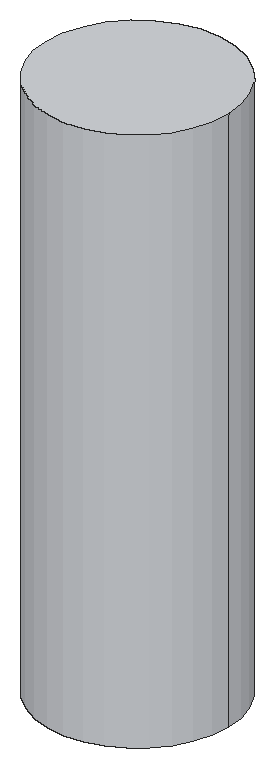
Revit family "АВЛН_Навесные и наполные элементы", category Мебель, Revit 2019
Family settings
  Номер OmniClass = 23.40.20.00
  Заголовок OmniClass = General Furniture and Specialties
  На основе рабочей плоскости = Нет
  Всегда вертикально = Да
  При загрузке вырезать с полостями = Нет
  Общий = Нет
  Точка расчета площади = Нет
Parameters (values of type "Ведро без крышки/крышка системы качели")
  Цилиндрическая форма = yes
  Прямоугольная форма = no
  Педальное ведро = no
  Описание = "Ведро без крышки/крышка системы качели"
  Type Comments = ""
  Keynote = ""
  Изготовитель = "Торговая сеть"
  Диспенсер = no
  Группа модели = "Оборудование основных помещений школы"  # constant formula
  Ведро открытое = yes
  ADSK_Размер_Ширина = 150 mm
  ADSK_Размер_Длина = 200 mm
  ADSK_Размер_Высота = 600 mm
  ADSK_Обозначение = ""
  ADSK_Масса = 0
  ADSK_Код изделия = ""
  ADSK_Единица измерения = "шт"  # constant formula
Types (8, lengths in mm): name | Цилиндрическая форма | Прямоугольная форма | Педальное ведро | Описание | Type Comments | Диспенсер | Ведро открытое | ADSK_Размер_Длина | ADSK_Размер_Высота | ADSK_Обозначение
  (no name) | yes | no | no | "Ведро без крышки/крышка системы качели" | "" | no | yes | 200 | 600 | ""
  Диспенсер для полотенец в рулонах с автоматической подачей | no | yes | no | "Диспенсер для полотенец в рулонах с\r\nавтоматической подачей POD белый\r\nарт.15131" | "" | no | no | 250 | 400 | "VEIRO VEIRO Professional"
  Электросушитель для рук габ.250х152х327мм | no | yes | no | "Электросушитель для рук; габ.250х152х327мм; Э1Ф;\r\n220В; 2,05кВт." | "Э1Ф;220В; 2,05кВт." | no | no | 250 | 327 | "SimexBigflow"
  Педальное ведро | yes | no | yes | "Педальное ведро" | "" | no | no | 200 | 600 | ""
  Диспенсер для рулонной туалетной бумаги | no | yes | no | "Диспенсер для рулонной туалетной бумаги" | "" | yes | no | 85 | 150 | ""
  Диспенсер для листовых полотенец | no | yes | no | "Диспенсер для листовых полотенец, нержавейка,\r\nхром" | "" | yes | no | 85 | 150 | ""
  Диспенсер для жидкого мыла | no | yes | no | "Диспенсер для жидкого мыла" | "" | yes | no | 85 | 150 | ""
  Ведро без крышки/крышка системы качели | yes | no | no | "Ведро без крышки/крышка системы качели" | "" | no | yes | 200 | 600 | ""
Reference planes
  plane 1 "По центру (Вперед/Назад)": y = 0
  plane 2: z = 0
  plane 3 "По центру (Влево/Вправо)": x = 0
  plane 4: z = 600
  plane 5: y = 75
  plane 6: x = 100
  plane 7: x = -100
  plane 8: y = -75
Forms (mm)
  Extrusion 1, solid, visible <- "Прямоугольная форма"
    sketch origin (0, -518.993, 592.976) x (-1, 0, 0) y (0, -1, 0)
      loop
        line (100, -593.993) -> (100, -443.993) -> (-100, -443.993) -> (-100, -593.993) -> (100, -593.993)
    from -592.976 to 7.024
  Extrusion 2, solid, visible <- "Цилиндрическая форма"
    sketch origin (0, -518.993, 592.976) x (-1, 0, 0) y (0, -1, 0)
      loop
        circle (0, -518.993) r 100
    from -592.976 to 7.024
Lines and regions (mm)
  symbolic lines, visible <- "Педальное ведро"
    curve 1: line (95.736, 28.89, 592.976) -> (120.736, 28.89, 592.976)
    curve 2: line (120.736, 28.89, 592.976) -> (120.736, -26.11, 592.976)
    curve 3: line (120.736, -26.11, 592.976) -> (96.531, -26.11, 592.976)
  symbolic lines, visible <- "Диспенсер"
    curve 4: line (80.736, 75, 592.976) -> (80.736, -75, 592.976)
  symbolic lines, visible <- "Ведро открытое"
    curve 5: circle (0, 0, 592.976) r 80 normal (0, 0, 1)
Dimensions and locks
  plane 2 to plane 4 = 600 mm
  equal spacing: plane 8, plane 1 "По центру (Вперед/Назад)", plane 5
  equal spacing: plane 7, plane 3 "По центру (Влево/Вправо)", plane 6
  "ADSK_Размер_Длина": plane 7 to plane 6
  "ADSK_Размер_Ширина": plane 5 to plane 8
  "ADSK_Размер_Высота": plane 2 to plane 4
  "ADSK_Размер_Длина": diameter of Extrusion 2 sketch curve
  aligned and locked: level to plane 2
  aligned and locked: Extrusion 1 sketch curve to plane 5
  aligned and locked: plane 7 to Extrusion 1 sketch curve
  aligned and locked: plane 8 to Extrusion 1 sketch curve
  aligned and locked: Extrusion 1 sketch curve to plane 6
  aligned and locked: Extrusion 1 to level
  aligned and locked: Extrusion 1 to plane 4
  aligned and locked: Extrusion 2 to level
  aligned and locked: Extrusion 2 to plane 4
  aligned and locked: plane 5 to curve 4
  aligned and locked: plane 8 to curve 4
Automatic sketch dimensions
  plane 1 "По центру (Вперед/Назад)" to curve 5 = 0 mm
  curve 5 to plane 3 "По центру (Влево/Вправо)" = 0 mm
  plane 6 to curve 3 = 20.736 mm
  curve 2 to plane 1 "По центру (Вперед/Назад)" = 28.89 mm
  plane 1 "По центру (Вперед/Назад)" to curve 2 = 26.11 mm
  curve 4 to plane 6 = 19.264 mm
  curve 1 to plane 6 = 4.264 mm
  curve 3 to plane 6 = 3.469 mm
  plane 1 "По центру (Вперед/Назад)" to Extrusion 2 sketch curve = 0 mm
  Extrusion 2 sketch curve to plane 3 "По центру (Влево/Вправо)" = 0 mm
  radius of curve 5 = 80 mm
